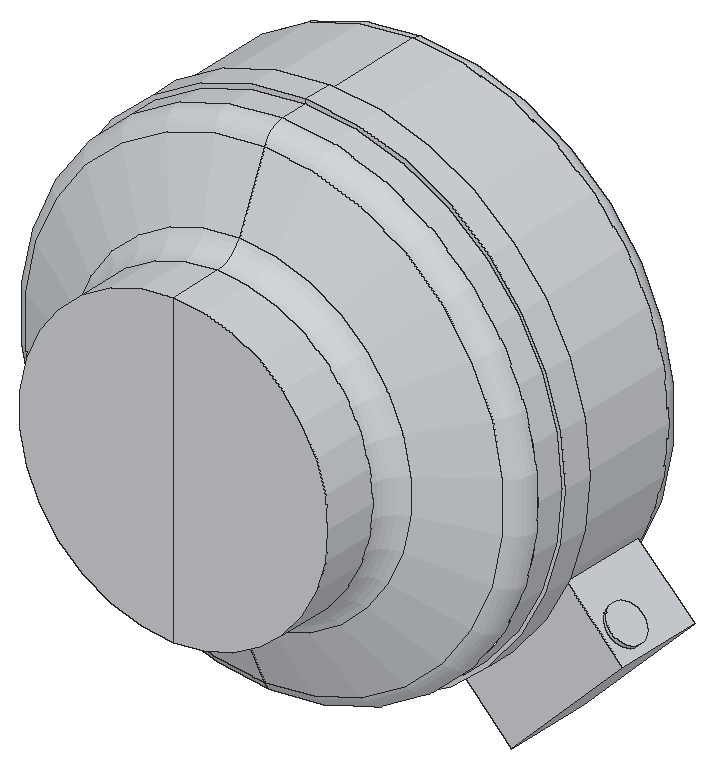
Revit family "RI-500", category Generic Models, Revit 2016
Family settings
  Part Type = Normal
  Can host rebar = No
  Round Connector Dimension = Use Diameter
  Work Plane-Based = No
  Always vertical = Yes
  Cut with Voids When Loaded = No
  Shared = No
  Room Calculation Point = No
Parameters (values of type "RI-500")
  WATTS = 115 W
  VOLTS = "120 V"
  URL = "http://www.reversomatic.com"
  RPM = "2550"
  Model = "RI-500"
  Manufacturer = "REVERSOMATIC"
  CFM AT STATIC PRESURE = "0.00-457, 0.10-412 0.20-373, 0.30-340, 0.40-307, 0.50-277, 0.60-247, 0.70-225, 0.80-198, .90-175,  1.00-146"
  CAPACITOR (mfd) = "10"
  C = 10"
  BB = 13"
  B = BB / 2  # 6 1/2"
  AMPS = 1 A
  AA = 7 7/8"
  A = AA / 2  # 3 15/16"
Reference planes (in)
  plane 1 "Center (Front/Back)": y = 0
  plane 2: z = 0
  plane 3 "Center (Left/Right)": x = 0
  plane 4: z = 6.5
  plane 5: y = -10
  plane 6: z = 3.9375
Forms (in)
  Revolve 1, solid
    sketch origin (0, 0, 0) x (0, 1, 0) y (0, 0, 1)
      loop
        line (0, 3.9375) -> (-0.57334, 3.9375)
        arc (-0.57334, 3.9375) -> (-0.83682, 4.01782) -> (-1.01069, 4.23147) r 0.47233
        line (-1.01069, 4.23147) -> (-1.90362, 6.17101)
        arc (-1.90362, 6.17101) -> (-2.08668, 6.40958) -> (-2.37346, 6.5) r 0.5
        line (-2.37346, 6.5) -> (-6.51011, 6.5)
        arc (-6.51011, 6.5) -> (-6.86787, 6.39495) -> (-7.11203, 6.11315) r 0.6617
        line (-7.11203, 6.11315) -> (-7.90527, 4.37597)
        arc (-7.90527, 4.37597) -> (-8.18202, 4.05657) -> (-8.58751, 3.9375) r 0.75
        line (-8.58751, 3.9375) -> (-10, 3.9375) -> (-10, 0) -> (0, 0) -> (0, 3.9375)
      axis (0, 0) -> (-10, 0)
    angle from 0 to 360
  Revolve 2, solid
    sketch origin (0, 0, 0) x (0, 1, 0) y (0, 0, 1)
      loop
        line (-5.78321, 6.61184) -> (-5.78321, 6.36184) -> (-5.03321, 6.36184) -> (-5.03321, 6.61184) -> (-5.78321, 6.61184)
      axis (-5.78321, 0) -> (-5.03321, 0)
    angle from 0 to 360
  Extrusion 3, solid
    sketch origin (0, 0, 0) x (1, 0, 0) y (0, 0, 1)
      loop
        line (5.26608, -3.22327) -> (3.85187, -1.80906) -> (1.851, -3.80993) -> (3.26521, -5.22414) -> (5.26608, -3.22327)
    from 2.57877 to 4.5262
  Extrusion 4, solid
    sketch origin (0, 0, 0) x (1, 0, 0) y (0, 0, 1)
      loop
        line (0.62339, -3.12723) -> (4.51248, -7.01631) -> (7.34091, -4.18789) -> (3.45182, -0.2988) -> (0.62339, -3.12723)
    from 2.58994 to 4.8679
  Extrusion 5, solid
    sketch origin (7.34091, 0, -4.18789) x (-0.707107, 0, 0.707107) y (0, -1, 0)
      loop
        circle (0.71436, 4.21424) r 0.5
    from 0 to 0.10156
Cuts and joins
  joined: Revolve 1, Revolve 2, Extrusion 3, Extrusion 4
Lines and regions (in)
  model lines
    curve 1: line (0, -5.62819, 6.36184) -> (0, -6.28321, 6.36184)
Dimensions and locks (in)
  "B": plane 4 to plane 2
  "C": plane 5 to plane 1 "Center (Front/Back)"
  Revolve 1 sketch curve to Revolve 1 sketch curve = 6 1/2"
  "A": plane 6 to level
  "C": Revolve 1 to Revolve 1
  diameter of Revolve 1 = 7 7/8"  (x2)
  diameter of cut or joined group of Revolve 1, Revolve 2, Extrusion 3, Extrusion 4 = 13"
  aligned and locked: level to plane 2
  aligned and locked: Revolve 1 sketch curve to plane 4
  aligned and locked: Revolve 1 sketch curve to plane 5
  aligned and locked: plane 1 "Center (Front/Back)" to Revolve 1 sketch curve
  aligned and locked: Revolve 1 sketch curve to plane 6  (x2)
Automatic sketch dimensions
  curve 1 to plane 4 = 0.13816"
  curve 1 to plane 5 = 3.71679"
  curve 1 to curve 1 = 0.65503"
  plane 3 "Center (Left/Right)" to Extrusion 3 sketch curve = 1.851"
  Extrusion 3 sketch curve to Extrusion 3 sketch curve = 1.41421"
  Extrusion 3 sketch curve to level = 1.80906"
  Extrusion 3 sketch curve to Extrusion 3 sketch curve = 2.00087"  (x2)
  Revolve 2 sketch curve to level = 0"
  Revolve 2 sketch curve to plane 4 = 0.13816"
  Revolve 2 sketch curve to plane 5 = 4.21679"
  Revolve 2 sketch curve to Revolve 2 sketch curve = 3/4"
  plane 4 to Revolve 2 sketch curve = 0.11184"
  plane 5 to Revolve 2 sketch curve = 0.78321"
  Revolve 2 sketch curve to plane 1 "Center (Front/Back)" = 0.96679"
  plane 3 "Center (Left/Right)" to Extrusion 4 sketch curve = 4.51248"
  Extrusion 4 sketch curve to Extrusion 4 sketch curve = 2.82843"  (x2)
  Extrusion 4 sketch curve to level = 0.2988"
  plane 3 "Center (Left/Right)" to Extrusion 4 sketch curve = 0.62339"
  Extrusion 4 to Extrusion 5 sketch curve = 0.71436"
  Extrusion 4 to Extrusion 5 sketch curve = 0.65366"
  Revolve 1 sketch curve to plane 5 = 0"
  Revolve 1 sketch curve to plane 1 "Center (Front/Back)" = 0"
  Revolve 1 sketch curve to level = 0"
  Revolve 1 sketch curve to plane 5 = 1.41249"
  plane 6 to Revolve 1 sketch curve = 0.43847"
  Revolve 1 sketch curve to Revolve 1 sketch curve = 0.68224"
  Revolve 1 sketch curve to plane 4 = 0.38685"
  Revolve 1 sketch curve to Revolve 1 sketch curve = 0.79324"
  Revolve 1 sketch curve to plane 4 = 0.6617"
  plane 1 "Center (Front/Back)" to Revolve 1 sketch curve = 2.37346"
  Revolve 1 sketch curve to plane 4 = 0.32899"
  Revolve 1 sketch curve to Revolve 1 sketch curve = 0.46985"
  plane 6 to Revolve 1 sketch curve = 0.29397"
  plane 1 "Center (Front/Back)" to Revolve 1 sketch curve = 1.01069"
  Revolve 1 sketch curve to Revolve 1 sketch curve = 0.43736"
  radius of Extrusion 5 sketch curve = 1/2"
